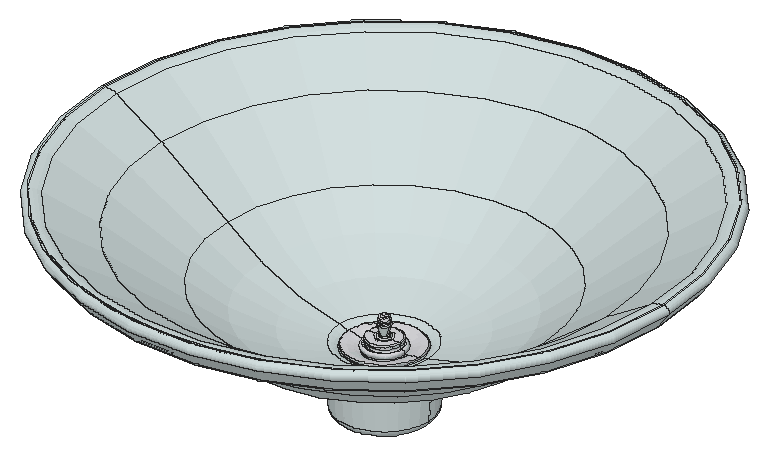
Revit family "Sink-Vessel-Lavatory-KOHLER-DERRING_CARILLON-K-17890BR_1", category Plumbing Fixtures, host Face, Revit 2017 (continued)
Definition of nested family "K-17890BR"
  Lines and regions (in)
    symbolic lines, detail levels medium+fine
      curve 494: line (3.84821, 4.56814, 0) -> (3.41866, 3.99811, 0)
      curve 495: line (4.17215, 4.31297, 0) -> (3.60744, 3.82207, 0)
      curve 496: line (4.17215, 4.31297, 0) -> (3.69161, 3.74029, 0)
      curve 497: line (4.45363, 4.01023, 0) -> (3.85998, 3.56287, 0)
      curve 498: line (4.45363, 4.01023, 0) -> (3.9187, 3.47529, 0)
      curve 499: line (4.7129, 3.68647, 0) -> (4.08034, 3.27568, 0)
      curve 500: line (4.7129, 3.68647, 0) -> (4.15236, 3.18175, 0)
      curve 501: line (4.9525, 3.34924, 0) -> (4.30308, 2.9743, 0)
      curve 502: line (4.9525, 3.34924, 0) -> (4.36463, 2.8732, 0)
      curve 503: line (5.19462, 3.00368, 0) -> (4.49797, 2.6639, 0)
      curve 504: line (5.19462, 3.00368, 0) -> (4.56426, 2.56229, 0)
      curve 505: line (5.40552, 2.63358, 0) -> (4.67538, 2.35331, 0)
      curve 506: line (5.40552, 2.63358, 0) -> (4.75789, 2.25967, 0)
      curve 507: line (5.56458, 2.25272, 0) -> (4.86254, 2.02462, 0)
      curve 508: line (5.56458, 2.25272, 0) -> (4.88814, 1.90805, 0)
      curve 509: line (5.69608, 1.84859, 0) -> (4.98418, 1.65784, 0)
      curve 510: line (5.69608, 1.84859, 0) -> (4.99936, 1.5671, 0)
      curve 511: line (5.80103, 1.44546, 0) -> (5.07115, 1.31676, 0)
      curve 512: line (5.80103, 1.44546, 0) -> (5.08184, 1.21178, 0)
      curve 513: line (5.91516, 1.04438, 0) -> (5.12987, 0.97567, 0)
      curve 514: line (5.91516, 1.04438, 0) -> (5.17629, 0.86016, 0)
      curve 515: line (5.99196, 0.62972, 0) -> (5.2125, 0.6025, 0)
      curve 516: line (5.99196, 0.62972, 0) -> (5.22663, 0.49477, 0)
      curve 517: arc (5.2125, 0.6025, 0) -> (5.0784, 0.71503, 0) -> (5.17629, 0.86016, 0) r 0.13081
      curve 518: arc (5.12987, 0.97567, 0) -> (5.00049, 1.07229, 0) -> (5.08184, 1.21178, 0) r 0.12125
      curve 519: arc (4.99936, 1.5671, 0) -> (4.92255, 1.40961, 0) -> (5.07115, 1.31676, 0) r 0.13093
      curve 520: arc (4.98418, 1.65784, 0) -> (4.82351, 1.73971, 0) -> (4.88814, 1.90805, 0) r 0.13475
      curve 521: arc (4.86254, 2.02462, 0) -> (4.70439, 2.09503, 0) -> (4.75789, 2.25967, 0) r 0.12936
      curve 522: arc (4.67538, 2.35331, 0) -> (4.52737, 2.40865, 0) -> (4.56426, 2.56229, 0) r 0.11923
      curve 523: arc (4.36463, 2.8732, 0) -> (4.3379, 2.70904, 0) -> (4.49797, 2.6639, 0) r 0.12488
      curve 524: arc (4.15236, 3.18175, 0) -> (4.13432, 3.01017, 0) -> (4.30308, 2.9743, 0) r 0.12892
      curve 525: arc (4.08034, 3.27568, 0) -> (3.90966, 3.30272, 0) -> (3.9187, 3.47529, 0) r 0.12913
      curve 526: arc (3.85998, 3.56287, 0) -> (3.69662, 3.57645, 0) -> (3.69161, 3.74029, 0) r 0.12308
      curve 527: arc (3.60744, 3.82207, 0) -> (3.43379, 3.8251, 0) -> (3.41866, 3.99811, 0) r 0.12977
      curve 528: arc (3.32725, 4.04719, 0) -> (3.15452, 4.03738, 0) -> (3.12522, 4.2079, 0) r 0.12991
      curve 529: arc (3.01858, 4.26815, 0) -> (2.85515, 4.24736, 0) -> (2.81599, 4.40739, 0) r 0.12371
      curve 530: arc (2.74885, 4.47421, 0) -> (2.56988, 4.43371, 0) -> (2.51242, 4.60797, 0) r 0.13645
      curve 531: arc (2.38742, 4.64043, 0) -> (2.24249, 4.60024, 0) -> (2.18493, 4.73919, 0) r 0.11349
      curve 532: arc (2.05019, 4.78312, 0) -> (1.9063, 4.73216, 0) -> (1.83819, 4.86878, 0) r 0.11519
      curve 533: arc (1.7984, 4.97539, 0) -> (1.61593, 4.88291, 0) -> (1.50866, 5.0571, 0) r 0.15104
      curve 534: arc (1.40423, 5.08744, 0) -> (1.24157, 5.00186, 0) -> (1.14079, 5.15557, 0) r 0.13668
      curve 535: arc (1.03321, 5.13417, 0) -> (0.88984, 5.04717, 0) -> (0.78717, 5.17977, 0) r 0.12592
      curve 536: arc (0.66643, 5.21065, 0) -> (0.53214, 5.11574, 0) -> (0.42264, 5.23842, 0) r 0.12348
      curve 537: line (0.42264, 5.97426, 0) -> (0.29018, 5.22308, 0)
      curve 538: line (0.53214, 5.11574, 0) -> (0.42718, 4.5758, 0)
      curve 539: line (0.53214, 5.11574, 0) -> (0.53214, 4.52057, 0)
      curve 540: line (0.88984, 5.04717, 0) -> (0.75182, 4.49359, 0)
      curve 541: line (0.88984, 5.04717, 0) -> (0.84027, 4.48064, 0)
      curve 542: line (1.24157, 5.00186, 0) -> (1.04697, 4.43671, 0)
      curve 543: line (1.24157, 5.00186, 0) -> (1.14074, 4.43005, 0)
      curve 544: line (1.61593, 4.88291, 0) -> (1.36026, 4.35872, 0)
      curve 545: line (1.61593, 4.88291, 0) -> (1.46375, 4.35221, 0)
      curve 546: line (1.9063, 4.73216, 0) -> (1.68972, 4.26772, 0)
      curve 547: line (1.9063, 4.73216, 0) -> (1.76, 4.22195, 0)
      curve 548: line (2.24249, 4.60024, 0) -> (1.9721, 4.13191, 0)
      curve 549: line (2.24249, 4.60024, 0) -> (2.03439, 4.05811, 0)
      curve 550: line (2.56988, 4.43371, 0) -> (2.23296, 3.95253, 0)
      curve 551: line (2.56988, 4.43371, 0) -> (2.31958, 3.9205, 0)
      curve 552: line (2.85515, 4.24736, 0) -> (2.50786, 3.80285, 0)
      curve 553: line (2.85515, 4.24736, 0) -> (2.5866, 3.7423, 0)
      curve 554: line (3.15452, 4.03738, 0) -> (2.77196, 3.61251, 0)
      curve 555: line (3.15452, 4.03738, 0) -> (2.84326, 3.59285, 0)
      curve 556: line (3.43379, 3.8251, 0) -> (3.03807, 3.42938, 0)
      curve 557: line (3.43379, 3.8251, 0) -> (3.08641, 3.36411, 0)
      curve 558: line (3.69662, 3.57645, 0) -> (3.25402, 3.20506, 0)
      curve 559: line (3.69662, 3.57645, 0) -> (3.31537, 3.13786, 0)
      curve 560: line (3.90966, 3.30272, 0) -> (3.48683, 2.96031, 0)
      curve 561: line (3.90966, 3.30272, 0) -> (3.52826, 2.92132, 0)
      curve 562: line (4.13432, 3.01017, 0) -> (3.68228, 2.7277, 0)
      curve 563: line (4.13432, 3.01017, 0) -> (3.72259, 2.65226, 0)
      curve 564: line (4.52737, 2.40865, 0) -> (4.02263, 2.18392, 0)
      curve 565: line (4.3379, 2.70904, 0) -> (3.85146, 2.46119, 0)
      curve 566: line (4.3379, 2.70904, 0) -> (3.90221, 2.3925, 0)
      curve 567: line (4.52737, 2.40865, 0) -> (4.07289, 2.12465, 0)
      curve 568: line (4.70439, 2.09503, 0) -> (4.17411, 1.91244, 0)
      curve 569: line (4.70439, 2.09503, 0) -> (4.20706, 1.83059, 0)
      curve 570: line (4.82351, 1.73971, 0) -> (4.29274, 1.60737, 0)
      curve 571: line (4.82351, 1.73971, 0) -> (4.31493, 1.52383, 0)
      curve 572: line (4.92255, 1.40961, 0) -> (4.38685, 1.29574, 0)
      curve 573: line (4.92255, 1.40961, 0) -> (4.42703, 1.22926, 0)
      curve 574: line (5.00049, 1.07229, 0) -> (4.48426, 0.99974, 0)
      curve 575: line (5.00049, 1.07229, 0) -> (4.49862, 0.91885, 0)
      curve 576: line (5.0784, 0.71503, 0) -> (4.54334, 0.67761, 0)
      curve 577: line (5.0784, 0.71503, 0) -> (4.54249, 0.5913, 0)
      curve 578: arc (4.49862, 0.91885, 0) -> (4.41332, 0.77828, 0) -> (4.54334, 0.67761, 0) r 0.12347
      curve 579: arc (4.48426, 0.99974, 0) -> (4.35232, 1.08873, 0) -> (4.42703, 1.22926, 0) r 0.11893
      curve 580: arc (4.38685, 1.29574, 0) -> (4.2473, 1.37712, 0) -> (4.31493, 1.52383, 0) r 0.12013
      curve 581: arc (4.29274, 1.60737, 0) -> (4.15115, 1.68108, 0) -> (4.20706, 1.83059, 0) r 0.12045
      curve 582: arc (4.17411, 1.91244, 0) -> (4.02879, 1.97337, 0) -> (4.07289, 2.12465, 0) r 0.11832
      curve 583: arc (4.02263, 2.18392, 0) -> (3.86852, 2.234, 0) -> (3.90221, 2.3925, 0) r 0.12108
      curve 584: arc (3.85146, 2.46119, 0) -> (3.70251, 2.49972, 0) -> (3.72259, 2.65226, 0) r 0.1161
      curve 585: arc (3.68228, 2.7277, 0) -> (3.51886, 2.75578, 0) -> (3.52826, 2.92132, 0) r 0.1245
      curve 586: arc (3.48683, 2.96031, 0) -> (3.31975, 2.97053, 0) -> (3.31537, 3.13786, 0) r 0.12388
      curve 587: arc (3.25402, 3.20506, 0) -> (3.09923, 3.20979, 0) -> (3.08641, 3.36411, 0) r 0.11628
      curve 588: arc (3.03807, 3.42938, 0) -> (2.86577, 3.42186, 0) -> (2.84326, 3.59285, 0) r 0.12764
      curve 589: arc (2.77196, 3.61251, 0) -> (2.62187, 3.59541, 0) -> (2.5866, 3.7423, 0) r 0.11399
      curve 590: arc (2.50786, 3.80285, 0) -> (2.36075, 3.77691, 0) -> (2.31958, 3.9205, 0) r 0.11162
      curve 591: arc (2.23296, 3.95253, 0) -> (2.08697, 3.91748, 0) -> (2.03439, 4.05811, 0) r 0.11329
      curve 592: arc (1.9721, 4.13191, 0) -> (1.82622, 4.0831, 0) -> (1.76, 4.22195, 0) r 0.11608
      curve 593: arc (1.68972, 4.26772, 0) -> (1.53769, 4.20552, 0) -> (1.46375, 4.35221, 0) r 0.121
      curve 594: arc (1.36026, 4.35872, 0) -> (1.2195, 4.29897, 0) -> (1.14074, 4.43005, 0) r 0.11654
      curve 595: arc (1.04697, 4.43671, 0) -> (0.92419, 4.36724, 0) -> (0.84027, 4.48064, 0) r 0.10645
      curve 596: arc (0.75182, 4.49359, 0) -> (0.63004, 4.4099, 0) -> (0.53214, 4.52057, 0) r 0.1115
      curve 597: line (0.63004, 4.4099, 0) -> (0.63004, 3.57627, 0)
      curve 598: line (0.63004, 3.57627, 0) -> (0.91086, 4.371, 0)
      curve 599: line (0.91086, 4.371, 0) -> (0.86553, 3.50614, 0)
      curve 600: line (0.86553, 3.50614, 0) -> (1.20934, 4.30281, 0)
      curve 601: line (1.20934, 4.30281, 0) -> (1.11873, 3.44075, 0)
      curve 602: line (1.11873, 3.44075, 0) -> (1.52379, 4.21174, 0)
      curve 603: line (1.52379, 4.21174, 0) -> (1.35705, 3.35396, 0)
      curve 604: line (1.35705, 3.35396, 0) -> (1.81073, 4.0911, 0)
      curve 605: line (1.81073, 4.0911, 0) -> (1.58576, 3.2515, 0)
      curve 606: line (1.58576, 3.2515, 0) -> (2.07373, 3.92574, 0)
      curve 607: line (2.07373, 3.92574, 0) -> (1.81714, 3.13602, 0)
      curve 608: line (1.81714, 3.13602, 0) -> (2.34915, 3.78524, 0)
      curve 609: line (2.34915, 3.78524, 0) -> (2.01429, 2.99636, 0)
      curve 610: line (2.01429, 2.99636, 0) -> (2.61697, 3.59904, 0)
      curve 611: line (2.61697, 3.59904, 0) -> (2.23563, 2.85062, 0)
      curve 612: line (2.23563, 2.85062, 0) -> (2.85478, 3.43225, 0)
      curve 613: line (2.85478, 3.43225, 0) -> (2.42438, 2.68677, 0)
      curve 614: line (2.42438, 2.68677, 0) -> (3.08868, 3.22124, 0)
      curve 615: line (3.08868, 3.22124, 0) -> (2.59826, 2.52085, 0)
      curve 616: line (2.59826, 2.52085, 0) -> (3.30551, 2.98828, 0)
      curve 617: line (3.30551, 2.98828, 0) -> (2.76496, 2.32076, 0)
      curve 618: line (2.76496, 2.32076, 0) -> (3.50963, 2.76907, 0)
      curve 619: line (3.50963, 2.76907, 0) -> (2.92293, 2.11747, 0)
      curve 620: line (2.92293, 2.11747, 0) -> (3.69536, 2.51184, 0)
      curve 621: line (3.69536, 2.51184, 0) -> (3.06829, 1.88478, 0)
      curve 622: line (3.06829, 1.88478, 0) -> (3.86308, 2.2446, 0)
      curve 623: line (3.86308, 2.2446, 0) -> (3.19474, 1.70339, 0)
      curve 624: line (3.19474, 1.70339, 0) -> (4.0236, 1.98611, 0)
      curve 625: line (4.0236, 1.98611, 0) -> (3.29285, 1.47443, 0)
      curve 626: line (3.29285, 1.47443, 0) -> (4.14695, 1.69422, 0)
      curve 627: line (4.14695, 1.69422, 0) -> (3.39829, 1.2264, 0)
      curve 628: line (3.39829, 1.2264, 0) -> (4.24394, 1.39038, 0)
      curve 629: line (4.24394, 1.39038, 0) -> (3.46878, 0.99542, 0)
      curve 630: line (3.46878, 0.99542, 0) -> (4.34966, 1.10308, 0)
      curve 631: line (4.34966, 1.10308, 0) -> (3.54258, 0.74374, 0)
      curve 632: line (3.54258, 0.74374, 0) -> (4.41146, 0.79369, 0)
      curve 633: line (4.41146, 0.79369, 0) -> (3.55922, 0.50024, 0)
      curve 634: line (3.55922, 0.50024, 0) -> (4.46684, 0.50024, 0)
      curve 635: line (3.55922, 0.50024, 0) -> (1.76826, 0.24854, 0)
      curve 636: line (1.76826, 0.24854, 0) -> (3.54258, 0.74374, 0)
      curve 637: line (3.54258, 0.74374, 0) -> (1.70271, 0.48517, 0)
      curve 638: line (1.70271, 0.48517, 0) -> (3.46878, 0.99542, 0)
      curve 639: line (3.46878, 0.99542, 0) -> (1.65513, 0.60991, 0)
      curve 640: line (1.65513, 0.60991, 0) -> (3.39829, 1.2264, 0)
      curve 641: line (3.39829, 1.2264, 0) -> (1.6151, 0.71508, 0)
      curve 642: line (1.6151, 0.71508, 0) -> (3.29285, 1.47443, 0)
      curve 643: line (3.29285, 1.47443, 0) -> (1.6285, 0.93365, 0)
      curve 644: line (1.6285, 0.93365, 0) -> (3.19474, 1.70339, 0)
      curve 645: line (3.19474, 1.70339, 0) -> (1.50054, 1.01889, 0)
      curve 646: line (1.50054, 1.01889, 0) -> (3.06829, 1.88478, 0)
      curve 647: line (3.06829, 1.88478, 0) -> (1.48225, 1.1452, 0)
      curve 648: line (1.48225, 1.1452, 0) -> (2.92293, 2.11747, 0)
      curve 649: line (2.92293, 2.11747, 0) -> (1.39234, 1.26905, 0)
      curve 650: line (1.39234, 1.26905, 0) -> (2.76496, 2.32076, 0)
      curve 651: line (2.76496, 2.32076, 0) -> (1.38121, 1.42214, 0)
      curve 652: line (1.38121, 1.42214, 0) -> (2.59826, 2.52085, 0)
      curve 653: line (2.59826, 2.52085, 0) -> (1.21924, 1.44344, 0)
      curve 654: line (1.21924, 1.44344, 0) -> (2.45667, 2.68088, 0)
      curve 655: line (2.42438, 2.68677, 0) -> (1.15107, 1.5799, 0)
      curve 656: line (1.15107, 1.5799, 0) -> (2.23563, 2.85062, 0)
      curve 657: line (2.23563, 2.85062, 0) -> (1.04984, 1.66483, 0)
      curve 658: line (1.04984, 1.66483, 0) -> (2.01429, 2.99636, 0)
      curve 659: line (2.01429, 2.99636, 0) -> (0.97468, 1.7574, 0)
      curve 660: line (0.97468, 1.7574, 0) -> (1.81714, 3.13602, 0)
      curve 661: line (1.81714, 3.13602, 0) -> (0.86244, 1.77257, 0)
      curve 662: line (0.86244, 1.77257, 0) -> (1.58576, 3.2515, 0)
      curve 663: line (1.58576, 3.2515, 0) -> (0.73843, 1.84129, 0)
      curve 664: line (0.73843, 1.84129, 0) -> (1.35705, 3.35396, 0)
      curve 665: line (1.35705, 3.35396, 0) -> (0.56257, 1.79469, 0)
      curve 666: line (0.56257, 1.79469, 0) -> (1.11873, 3.44075, 0)
      curve 667: line (1.11873, 3.44075, 0) -> (0.48444, 1.94646, 0)
      curve 668: line (0.48444, 1.94646, 0) -> (0.86553, 3.50614, 0)
      curve 669: line (0.86553, 3.50614, 0) -> (0.34636, 1.99836, 0)
      curve 670: line (0.34636, 1.99836, 0) -> (0.63004, 3.57627, 0)
      curve 671: line (-0.60002, -8.58037, 0) -> (-0.41313, -7.25055, 0)
      curve 672: line (0, -8.60132, 0) -> (-0.07001, -7.26553, 0)
      curve 673: line (-0.60002, -8.58037, 0) -> (-0.60002, -7.26076, 0)
      curve 674: line (-1.20687, -8.51623, 0) -> (-0.93259, -7.22581, 0)
      curve 675: line (-1.20687, -8.51623, 0) -> (-1.11353, -7.18141, 0)
      curve 676: line (-1.78035, -8.41505, 0) -> (-1.41154, -7.12886, 0)
      curve 677: line (-1.78035, -8.41505, 0) -> (-1.59362, -7.08643, 0)
      curve 678: line (-2.36559, -8.26963, 0) -> (-1.90655, -7.00841, 0)
      curve 679: line (-2.36559, -8.26963, 0) -> (-2.08457, -6.94752, 0)
      curve 680: line (-2.94282, -8.08224, 0) -> (-2.393, -6.84731, 0)
      curve 681: line (-2.94282, -8.08224, 0) -> (-2.57328, -6.7935, 0)
      curve 682: line (-3.49395, -7.85971, 0) -> (-2.8876, -6.66969, 0)
      curve 683: line (-3.49395, -7.85971, 0) -> (-3.04812, -6.56493, 0)
      curve 684: line (-4.02848, -7.59961, 0) -> (-3.30529, -6.44227, 0)
      curve 685: line (-4.02848, -7.59961, 0) -> (-3.49129, -6.39308, 0)
      curve 686: line (-4.56175, -7.292, 0) -> (-3.78531, -6.22333, 0)
      curve 687: line (-4.56175, -7.292, 0) -> (-3.92446, -6.09343, 0)
      curve 688: line (-5.0521, -6.96125, 0) -> (-4.17954, -5.92137, 0)
      curve 689: line (-5.0521, -6.96125, 0) -> (-4.34006, -5.82175, 0)
      curve 690: line (-5.52853, -6.58924, 0) -> (-4.57453, -5.63524, 0)
      curve 691: line (-5.52853, -6.58924, 0) -> (-4.73331, -5.49471, 0)
      curve 692: line (-5.97094, -6.19117, 0) -> (-4.96538, -5.28576, 0)
      curve 693: line (-5.97094, -6.19117, 0) -> (-5.10092, -5.15431, 0)
      curve 694: line (-6.38713, -5.76084, 0) -> (-5.32019, -4.92726, 0)
      curve 695: line (-6.38713, -5.76084, 0) -> (-5.45779, -4.83151, 0)
      curve 696: line (-6.78298, -5.28903, 0) -> (-5.68895, -4.5511, 0)
      curve 697: line (-6.78298, -5.28903, 0) -> (-5.74977, -4.35872, 0)
      curve 698: line (-7.12883, -4.81275, 0) -> (-5.9249, -4.11766, 0)
      curve 699: line (-7.12883, -4.81275, 0) -> (-6.05341, -4.00236, 0)
      curve 700: line (-7.44851, -4.30145, 0) -> (-6.23332, -3.70876, 0)
      curve 701: line (-7.44851, -4.30145, 0) -> (-6.31207, -3.56343, 0)
      curve 702: line (-7.73214, -3.76786, 0) -> (-6.47092, -3.25829, 0)
      curve 703: line (-7.73214, -3.76786, 0) -> (-6.52784, -3.07256, 0)
      curve 704: line (-7.97213, -3.22922, 0) -> (-6.64944, -2.79945, 0)
      curve 705: line (-7.97213, -3.22922, 0) -> (-6.75956, -2.63781, 0)
      curve 706: line (-8.18058, -2.65724, 0) -> (-6.8713, -2.3308, 0)
      curve 707: line (-8.18058, -2.65724, 0) -> (-6.90785, -2.14302, 0)
      curve 708: line (-8.34839, -2.07055, 0) -> (-6.99696, -1.83225, 0)
      curve 709: line (-8.34839, -2.07055, 0) -> (-7.06439, -1.67799, 0)
      curve 710: line (-8.46785, -1.50938, 0) -> (-7.13501, -1.34572, 0)
      curve 711: line (-8.46785, -1.50938, 0) -> (-7.15483, -1.15755, 0)
      curve 712: line (-8.5543, -0.89816, 0) -> (-7.2071, -0.82756, 0)
      curve 713: line (-8.5543, -0.89816, 0) -> (-7.2233, -0.63944, 0)
      curve 714: line (-8.5962, -0.29677, 0) -> (-7.2423, -0.36772, 0)
      curve 715: line (-8.5962, -0.29677, 0) -> (-7.2489, -0.15516, 0)
      curve 716: arc (-0.41313, -7.25055, 0) -> (-0.23476, -7.10221, 0) -> (-0.07001, -7.26553, 0) r 0.17252
      curve 717: arc (-0.93259, -7.22581, 0) -> (-0.75057, -7.09356, 0) -> (-0.60002, -7.26076, 0) r 0.16812
      curve 718: arc (-1.41154, -7.12886, 0) -> (-1.23888, -7.02098, 0) -> (-1.11353, -7.18141, 0) r 0.15213
      curve 719: arc (-1.90655, -7.00841, 0) -> (-1.71496, -6.90654, 0) -> (-1.59362, -7.08643, 0) r 0.16214
      curve 720: arc (-2.393, -6.84731, 0) -> (-2.19367, -6.75856, 0) -> (-2.08457, -6.94752, 0) r 0.16304
      curve 721: arc (-2.8876, -6.66969, 0) -> (-2.67421, -6.58884, 0) -> (-2.57328, -6.7935, 0) r 0.16969
      curve 722: arc (-3.30529, -6.44227, 0) -> (-3.12196, -6.38883, 0) -> (-3.04812, -6.56493, 0) r 0.14338
      curve 723: arc (-3.78531, -6.22333, 0) -> (-3.56188, -6.17584, 0) -> (-3.49129, -6.39308, 0) r 0.17069
      curve 724: arc (-4.17954, -5.92137, 0) -> (-3.97454, -5.89256, 0) -> (-3.92446, -6.09343, 0) r 0.15469
      curve 725: arc (-4.57453, -5.63524, 0) -> (-4.37407, -5.62386, 0) -> (-4.34006, -5.82175, 0) r 0.15077
      curve 726: arc (-4.96538, -5.28576, 0) -> (-4.75527, -5.28576, 0) -> (-4.73331, -5.49471, 0) r 0.157
      curve 727: arc (-5.32019, -4.92726, 0) -> (-5.10833, -4.94207, 0) -> (-5.10092, -5.15431, 0) r 0.15869
      curve 728: arc (-5.45779, -4.83151, 0) -> (-5.44602, -4.58632, 0) -> (-5.68895, -4.5511, 0) r 0.18254
      curve 729: arc (-5.74977, -4.35872, 0) -> (-5.72881, -4.15934, 0) -> (-5.9249, -4.11766, 0) r 0.1498
      curve 730: arc (-6.05341, -4.00236, 0) -> (-6.01002, -3.77385, 0) -> (-6.23332, -3.70876, 0) r 0.17297
      curve 731: arc (-6.31207, -3.56343, 0) -> (-6.25291, -3.33872, 0) -> (-6.47092, -3.25829, 0) r 0.1728
      curve 732: arc (-6.52784, -3.07256, 0) -> (-6.46569, -2.88126, 0) -> (-6.64944, -2.79945, 0) r 0.1503
      curve 733: arc (-6.75956, -2.63781, 0) -> (-6.67721, -2.434, 0) -> (-6.8713, -2.3308, 0) r 0.16426
      curve 734: arc (-6.90785, -2.14302, 0) -> (-6.81249, -1.94752, 0) -> (-6.99696, -1.83225, 0) r 0.16254
      curve 735: arc (-7.06439, -1.67799, 0) -> (-6.94747, -1.4795, 0) -> (-7.13501, -1.34572, 0) r 0.17049
      curve 736: arc (-7.15483, -1.15755, 0) -> (-7.0324, -0.96902, 0) -> (-7.2071, -0.82756, 0) r 0.16798
      curve 737: arc (-7.2233, -0.63944, 0) -> (-7.1126, -0.49518, 0) -> (-7.2423, -0.36772, 0) r 0.13721
      curve 738: line (-0.23476, -7.10221, 0) -> (-0.28669, -6.1114, 0)
      curve 739: line (-0.75057, -7.09356, 0) -> (-0.57428, -6.09381, 0)
      curve 740: line (-1.23888, -7.02098, 0) -> (-1.00525, -6.08393, 0)
      curve 741: line (-0.75057, -7.09356, 0) -> (-0.71673, -6.12448, 0)
      curve 742: line (-1.23888, -7.02098, 0) -> (-1.13176, -6.00175, 0)
      curve 743: line (-1.71496, -6.90654, 0) -> (-1.42038, -5.94303, 0)
      curve 744: line (-1.71496, -6.90654, 0) -> (-1.53799, -5.90288, 0)
      curve 745: line (-2.19367, -6.75856, 0) -> (-1.81577, -5.82323, 0)
      curve 746: line (-2.19367, -6.75856, 0) -> (-1.95165, -5.78789, 0)
      curve 747: line (-2.67421, -6.58884, 0) -> (-2.21579, -5.68913, 0)
      curve 748: line (-2.67421, -6.58884, 0) -> (-2.36387, -5.68753, 0)
      curve 749: line (-3.12196, -6.38883, 0) -> (-2.64349, -5.5601, 0)
      curve 750: line (-3.12196, -6.38883, 0) -> (-2.76486, -5.50496, 0)
      curve 751: line (-3.56188, -6.17584, 0) -> (-3.01843, -5.37014, 0)
      curve 752: line (-3.56188, -6.17584, 0) -> (-3.12128, -5.27247, 0)
      curve 753: line (-3.97454, -5.89256, 0) -> (-3.36909, -5.11762, 0)
      curve 754: line (-3.97454, -5.89256, 0) -> (-3.4896, -5.05262, 0)
      curve 755: line (-4.37407, -5.62386, 0) -> (-3.72903, -4.88183, 0)
      curve 756: line (-4.37407, -5.62386, 0) -> (-3.81689, -4.76588, 0)
      curve 757: line (-4.75527, -5.28576, 0) -> (-4.04814, -4.57862, 0)
      curve 758: line (-4.75527, -5.28576, 0) -> (-4.15679, -4.51973, 0)
      curve 759: line (-5.10833, -4.94207, 0) -> (-4.37943, -4.30845, 0)
      curve 760: line (-5.10833, -4.94207, 0) -> (-4.45133, -4.18628, 0)
      curve 761: line (-5.44602, -4.58632, 0) -> (-4.62881, -3.99259, 0)
      curve 762: line (-5.44602, -4.58632, 0) -> (-4.72376, -3.86406, 0)
      curve 763: line (-5.72881, -4.15934, 0) -> (-4.88785, -3.65404, 0)
      curve 764: line (-5.72881, -4.15934, 0) -> (-4.97778, -3.52916, 0)
      curve 765: line (-6.01002, -3.77385, 0) -> (-5.12878, -3.30529, 0)
      curve 766: line (-6.01002, -3.77385, 0) -> (-5.23106, -3.18686, 0)
      curve 767: line (-6.25291, -3.33872, 0) -> (-5.3725, -2.94674, 0)
      curve 768: line (-6.25291, -3.33872, 0) -> (-5.45681, -2.82173, 0)
      curve 769: line (-6.46569, -2.88126, 0) -> (-5.58665, -2.56132, 0)
      curve 770: line (-6.46569, -2.88126, 0) -> (-5.62144, -2.41329, 0)
      curve 771: line (-6.67721, -2.434, 0) -> (-5.71703, -2.17672, 0)
      curve 772: line (-6.67721, -2.434, 0) -> (-5.76583, -2.00901, 0)
      curve 773: line (-6.81249, -1.94752, 0) -> (-5.8468, -1.75981, 0)
      curve 774: line (-6.81249, -1.94752, 0) -> (-5.88933, -1.61151, 0)
      curve 775: line (-6.94747, -1.4795, 0) -> (-5.95695, -1.34029, 0)
      curve 776: line (-6.94747, -1.4795, 0) -> (-6.02232, -1.21422, 0)
      curve 777: line (-7.0324, -0.96902, 0) -> (-6.07177, -0.91868, 0)
      curve 778: line (-7.0324, -0.96902, 0) -> (-6.11169, -0.79006, 0)
      curve 779: line (-7.1126, -0.49518, 0) -> (-6.12971, -0.35704, 0)
      curve 780: line (-7.1126, -0.49518, 0) -> (-6.14009, -0.49518, 0)
      curve 781: arc (-6.11169, -0.79006, 0) -> (-5.99196, -0.62972, 0) -> (-6.14009, -0.49518, 0) r 0.14881
      curve 782: arc (-6.07177, -0.91868, 0) -> (-5.91516, -1.04438, 0) -> (-6.02232, -1.21422, 0) r 0.15079
      curve 783: arc (-5.95695, -1.34029, 0) -> (-5.80103, -1.44546, 0) -> (-5.88933, -1.61151, 0) r 0.14053
      curve 784: arc (-5.76583, -2.00901, 0) -> (-5.69608, -1.84859, 0) -> (-5.8468, -1.75981, 0) r 0.132
      curve 785: arc (-5.71703, -2.17672, 0) -> (-5.56458, -2.25272, 0) -> (-5.62144, -2.41329, 0) r 0.12854
      curve 786: arc (-5.58665, -2.56132, 0) -> (-5.40552, -2.63358, 0) -> (-5.45681, -2.82173, 0) r 0.14643
      curve 787: arc (-5.3725, -2.94674, 0) -> (-5.19462, -3.00368, 0) -> (-5.23106, -3.18686, 0) r 0.14024
      curve 788: arc (-5.12878, -3.30529, 0) -> (-4.9525, -3.34924, 0) -> (-4.97778, -3.52916, 0) r 0.13576
      curve 789: arc (-4.88785, -3.65404, 0) -> (-4.7129, -3.68647, 0) -> (-4.72376, -3.86406, 0) r 0.13426
      curve 790: arc (-4.62881, -3.99259, 0) -> (-4.45363, -4.01023, 0) -> (-4.45133, -4.18628, 0) r 0.13221
      curve 791: arc (-4.37943, -4.30845, 0) -> (-4.17215, -4.31297, 0) -> (-4.15679, -4.51973, 0) r 0.15418
      curve 792: arc (-3.72903, -4.88183, 0) -> (-3.53175, -4.85848, 0) -> (-3.4896, -5.05262, 0) r 0.14773
      curve 793: arc (-4.04814, -4.57862, 0) -> (-3.84821, -4.56814, 0) -> (-3.81689, -4.76588, 0) r 0.1496
      curve 794: arc (-3.36909, -5.11762, 0) -> (-3.17547, -5.08348, 0) -> (-3.12128, -5.27247, 0) r 0.14691
      curve 795: arc (-3.01843, -5.37014, 0) -> (-2.83094, -5.32339, 0) -> (-2.76486, -5.50496, 0) r 0.14439
      curve 796: arc (-2.64349, -5.5601, 0) -> (-2.4458, -5.49682, 0) -> (-2.36387, -5.68753, 0) r 0.15436
      curve 797: arc (-2.21579, -5.68913, 0) -> (-2.03965, -5.62064, 0) -> (-1.95165, -5.78789, 0) r 0.14191
      curve 798: arc (-1.81577, -5.82323, 0) -> (-1.64102, -5.738, 0) -> (-1.53799, -5.90288, 0) r 0.14528
      curve 799: arc (-1.42038, -5.94303, 0) -> (-1.2494, -5.84131, 0) -> (-1.13176, -6.00175, 0) r 0.14795
      curve 800: arc (-1.00525, -6.08393, 0) -> (-0.84273, -5.97431, 0) -> (-0.71673, -6.12448, 0) r 0.14648
      curve 801: arc (-0.57428, -6.09381, 0) -> (-0.42264, -5.97426, 0) -> (-0.28669, -6.1114, 0) r 0.145
      curve 802: line (-0.42264, -5.97426, 0) -> (-0.42264, -5.23842, 0)
      curve 803: line (-0.84273, -5.97431, 0) -> (-0.66643, -5.21065, 0)
      curve 804: line (-0.84273, -5.97431, 0) -> (-0.78717, -5.17977, 0)
      curve 805: line (-1.2494, -5.84131, 0) -> (-1.03321, -5.13417, 0)
      curve 806: line (-1.2494, -5.84131, 0) -> (-1.14079, -5.15557, 0)
      curve 807: line (-1.64102, -5.738, 0) -> (-1.40423, -5.08744, 0)
      curve 808: line (-1.64102, -5.738, 0) -> (-1.50866, -5.0571, 0)
      curve 809: line (-2.03965, -5.62064, 0) -> (-1.7984, -4.97539, 0)
      curve 810: line (-2.03965, -5.62064, 0) -> (-1.83819, -4.86878, 0)
      curve 811: line (-2.4458, -5.49682, 0) -> (-2.05019, -4.78312, 0)
      curve 812: line (-2.4458, -5.49682, 0) -> (-2.18493, -4.73919, 0)
      curve 813: line (-2.83094, -5.32339, 0) -> (-2.38742, -4.64043, 0)
      curve 814: line (-2.83094, -5.32339, 0) -> (-2.51242, -4.60797, 0)
      curve 815: line (-3.17547, -5.08348, 0) -> (-2.74885, -4.47421, 0)
      curve 816: line (-3.17547, -5.08348, 0) -> (-2.81599, -4.40739, 0)
      curve 817: line (-3.53175, -4.85848, 0) -> (-3.01858, -4.26815, 0)
      curve 818: line (-3.53175, -4.85848, 0) -> (-3.12522, -4.2079, 0)
      curve 819: line (-3.84821, -4.56814, 0) -> (-3.32725, -4.04719, 0)
      curve 820: line (-3.84821, -4.56814, 0) -> (-3.41866, -3.99811, 0)
      curve 821: line (-4.17215, -4.31297, 0) -> (-3.60744, -3.82207, 0)
      curve 822: line (-4.17215, -4.31297, 0) -> (-3.69161, -3.74029, 0)
      curve 823: line (-4.45363, -4.01023, 0) -> (-3.85998, -3.56287, 0)
      curve 824: line (-4.45363, -4.01023, 0) -> (-3.9187, -3.47529, 0)
      curve 825: line (-4.7129, -3.68647, 0) -> (-4.08034, -3.27568, 0)
      curve 826: line (-4.7129, -3.68647, 0) -> (-4.15236, -3.18175, 0)
      curve 827: line (-4.9525, -3.34924, 0) -> (-4.30308, -2.9743, 0)
      curve 828: line (-4.9525, -3.34924, 0) -> (-4.36463, -2.8732, 0)
      curve 829: line (-5.19462, -3.00368, 0) -> (-4.49797, -2.6639, 0)
      curve 830: line (-5.19462, -3.00368, 0) -> (-4.56426, -2.56229, 0)
      curve 831: line (-5.40552, -2.63358, 0) -> (-4.67538, -2.35331, 0)
      curve 832: line (-5.40552, -2.63358, 0) -> (-4.75789, -2.25967, 0)
      curve 833: line (-5.56458, -2.25272, 0) -> (-4.86254, -2.02462, 0)
      curve 834: line (-5.56458, -2.25272, 0) -> (-4.88814, -1.90805, 0)
      curve 835: line (-5.69608, -1.84859, 0) -> (-4.98418, -1.65784, 0)
      curve 836: line (-5.69608, -1.84859, 0) -> (-4.99936, -1.5671, 0)
      curve 837: line (-5.80103, -1.44546, 0) -> (-5.07115, -1.31676, 0)
      curve 838: line (-5.80103, -1.44546, 0) -> (-5.08184, -1.21178, 0)
      curve 839: line (-5.91516, -1.04438, 0) -> (-5.12987, -0.97567, 0)
      curve 840: line (-5.91516, -1.04438, 0) -> (-5.17629, -0.86016, 0)
      curve 841: line (-5.99196, -0.62972, 0) -> (-5.2125, -0.6025, 0)
      curve 842: line (-5.99196, -0.62972, 0) -> (-5.26523, -0.50158, 0)
      curve 843: arc (-5.2125, -0.6025, 0) -> (-5.0784, -0.71503, 0) -> (-5.17629, -0.86016, 0) r 0.13081
      curve 844: arc (-5.12987, -0.97567, 0) -> (-5.00049, -1.07229, 0) -> (-5.08184, -1.21178, 0) r 0.12125
      curve 845: arc (-4.99936, -1.5671, 0) -> (-4.92255, -1.40961, 0) -> (-5.07115, -1.31676, 0) r 0.13093
      curve 846: arc (-4.98418, -1.65784, 0) -> (-4.82351, -1.73971, 0) -> (-4.88814, -1.90805, 0) r 0.13475
      curve 847: arc (-4.86254, -2.02462, 0) -> (-4.70439, -2.09503, 0) -> (-4.75789, -2.25967, 0) r 0.12936
      curve 848: arc (-4.67538, -2.35331, 0) -> (-4.52737, -2.40865, 0) -> (-4.56426, -2.56229, 0) r 0.11923
      curve 849: arc (-4.36463, -2.8732, 0) -> (-4.3379, -2.70904, 0) -> (-4.49797, -2.6639, 0) r 0.12488
      curve 850: arc (-4.15236, -3.18175, 0) -> (-4.13432, -3.01017, 0) -> (-4.30308, -2.9743, 0) r 0.12892
      curve 851: arc (-4.08034, -3.27568, 0) -> (-3.90966, -3.30272, 0) -> (-3.9187, -3.47529, 0) r 0.12913
      curve 852: arc (-3.85998, -3.56287, 0) -> (-3.69662, -3.57645, 0) -> (-3.69161, -3.74029, 0) r 0.12308
      curve 853: arc (-3.60744, -3.82207, 0) -> (-3.43379, -3.8251, 0) -> (-3.41866, -3.99811, 0) r 0.12977
      curve 854: arc (-3.32725, -4.04719, 0) -> (-3.15452, -4.03738, 0) -> (-3.12522, -4.2079, 0) r 0.12991
      curve 855: arc (-3.01858, -4.26815, 0) -> (-2.85515, -4.24736, 0) -> (-2.81599, -4.40739, 0) r 0.12371
      curve 856: arc (-2.74885, -4.47421, 0) -> (-2.56988, -4.43371, 0) -> (-2.51242, -4.60797, 0) r 0.13645
      curve 857: arc (-2.38742, -4.64043, 0) -> (-2.24249, -4.60024, 0) -> (-2.18493, -4.73919, 0) r 0.11349
      curve 858: arc (-2.05019, -4.78312, 0) -> (-1.9063, -4.73216, 0) -> (-1.83819, -4.86878, 0) r 0.11519
      curve 859: arc (-1.7984, -4.97539, 0) -> (-1.61593, -4.88291, 0) -> (-1.50866, -5.0571, 0) r 0.15104
      curve 860: arc (-1.40423, -5.08744, 0) -> (-1.24157, -5.00186, 0) -> (-1.14079, -5.15557, 0) r 0.13668
      curve 861: arc (-1.03321, -5.13417, 0) -> (-0.88984, -5.04717, 0) -> (-0.78717, -5.17977, 0) r 0.12592
      curve 862: arc (-0.66643, -5.21065, 0) -> (-0.53214, -5.11574, 0) -> (-0.42264, -5.23842, 0) r 0.12348
      curve 863: line (-0.42264, -5.97426, 0) -> (-0.29348, -5.24179, 0)
      curve 864: line (-0.53214, -5.11574, 0) -> (-0.42433, -4.56112, 0)
      curve 865: line (-0.53214, -5.11574, 0) -> (-0.53214, -4.52057, 0)
      curve 866: line (-0.88984, -5.04717, 0) -> (-0.75182, -4.49359, 0)
      curve 867: line (-0.88984, -5.04717, 0) -> (-0.84027, -4.48064, 0)
      curve 868: line (-1.24157, -5.00186, 0) -> (-1.04697, -4.43671, 0)
      curve 869: line (-1.24157, -5.00186, 0) -> (-1.14074, -4.43005, 0)
      curve 870: line (-1.61593, -4.88291, 0) -> (-1.36026, -4.35872, 0)
      curve 871: line (-1.61593, -4.88291, 0) -> (-1.46375, -4.35221, 0)
      curve 872: line (-1.9063, -4.73216, 0) -> (-1.68972, -4.26772, 0)
      curve 873: line (-1.9063, -4.73216, 0) -> (-1.76, -4.22195, 0)
      curve 874: line (-2.24249, -4.60024, 0) -> (-1.9721, -4.13191, 0)
      curve 875: line (-2.24249, -4.60024, 0) -> (-2.03439, -4.05811, 0)
      curve 876: line (-2.56988, -4.43371, 0) -> (-2.23296, -3.95253, 0)
      curve 877: line (-2.56988, -4.43371, 0) -> (-2.31958, -3.9205, 0)
      curve 878: line (-2.85515, -4.24736, 0) -> (-2.50786, -3.80285, 0)
      curve 879: line (-2.85515, -4.24736, 0) -> (-2.5866, -3.7423, 0)
      curve 880: line (-3.15452, -4.03738, 0) -> (-2.77196, -3.61251, 0)
      curve 881: line (-3.15452, -4.03738, 0) -> (-2.84326, -3.59285, 0)
      curve 882: line (-3.43379, -3.8251, 0) -> (-3.03807, -3.42938, 0)
      curve 883: line (-3.43379, -3.8251, 0) -> (-3.08641, -3.36411, 0)
      curve 884: line (-3.69662, -3.57645, 0) -> (-3.25402, -3.20506, 0)
      curve 885: line (-3.69662, -3.57645, 0) -> (-3.31537, -3.13786, 0)
      curve 886: line (-3.90966, -3.30272, 0) -> (-3.48683, -2.96031, 0)
      curve 887: line (-3.90966, -3.30272, 0) -> (-3.52826, -2.92132, 0)
      curve 888: line (-4.13432, -3.01017, 0) -> (-3.68228, -2.7277, 0)
      curve 889: line (-4.13432, -3.01017, 0) -> (-3.72259, -2.65226, 0)
      curve 890: line (-4.52737, -2.40865, 0) -> (-4.02263, -2.18392, 0)
      curve 891: line (-4.3379, -2.70904, 0) -> (-3.85146, -2.46119, 0)
      curve 892: line (-4.3379, -2.70904, 0) -> (-3.90221, -2.3925, 0)
      curve 893: line (-4.52737, -2.40865, 0) -> (-4.07289, -2.12465, 0)
      curve 894: line (-4.70439, -2.09503, 0) -> (-4.17411, -1.91244, 0)
      curve 895: line (-4.70439, -2.09503, 0) -> (-4.20706, -1.83059, 0)
      curve 896: line (-4.82351, -1.73971, 0) -> (-4.29274, -1.60737, 0)
      curve 897: line (-4.82351, -1.73971, 0) -> (-4.31493, -1.52383, 0)
      curve 898: line (-4.92255, -1.40961, 0) -> (-4.38685, -1.29574, 0)
      curve 899: line (-4.92255, -1.40961, 0) -> (-4.42703, -1.22926, 0)
      curve 900: line (-5.00049, -1.07229, 0) -> (-4.48426, -0.99974, 0)
      curve 901: line (-5.00049, -1.07229, 0) -> (-4.49862, -0.91885, 0)
      curve 902: line (-5.0784, -0.71503, 0) -> (-4.54334, -0.67761, 0)
      curve 903: line (-5.0784, -0.71503, 0) -> (-4.57346, -0.59845, 0)
      curve 904: arc (-4.49862, -0.91885, 0) -> (-4.41332, -0.77828, 0) -> (-4.54334, -0.67761, 0) r 0.12347
      curve 905: arc (-4.48426, -0.99974, 0) -> (-4.35232, -1.08873, 0) -> (-4.42703, -1.22926, 0) r 0.11893
      curve 906: arc (-4.38685, -1.29574, 0) -> (-4.2473, -1.37712, 0) -> (-4.31493, -1.52383, 0) r 0.12013
      curve 907: arc (-4.29274, -1.60737, 0) -> (-4.15115, -1.68108, 0) -> (-4.20706, -1.83059, 0) r 0.12045
      curve 908: arc (-4.17411, -1.91244, 0) -> (-4.02879, -1.97337, 0) -> (-4.07289, -2.12465, 0) r 0.11832
      curve 909: arc (-4.02263, -2.18392, 0) -> (-3.86852, -2.234, 0) -> (-3.90221, -2.3925, 0) r 0.12108
      curve 910: arc (-3.85146, -2.46119, 0) -> (-3.70251, -2.49972, 0) -> (-3.72259, -2.65226, 0) r 0.1161
      curve 911: arc (-3.68228, -2.7277, 0) -> (-3.51886, -2.75578, 0) -> (-3.52826, -2.92132, 0) r 0.1245
      curve 912: arc (-3.48683, -2.96031, 0) -> (-3.31975, -2.97053, 0) -> (-3.31537, -3.13786, 0) r 0.12388
      curve 913: arc (-3.25402, -3.20506, 0) -> (-3.09923, -3.20979, 0) -> (-3.08641, -3.36411, 0) r 0.11628
      curve 914: arc (-3.03807, -3.42938, 0) -> (-2.86577, -3.42186, 0) -> (-2.84326, -3.59285, 0) r 0.12764
      curve 915: arc (-2.77196, -3.61251, 0) -> (-2.62187, -3.59541, 0) -> (-2.5866, -3.7423, 0) r 0.11399
      curve 916: arc (-2.50786, -3.80285, 0) -> (-2.36075, -3.77691, 0) -> (-2.31958, -3.9205, 0) r 0.11162
      curve 917: arc (-2.23296, -3.95253, 0) -> (-2.08697, -3.91748, 0) -> (-2.03439, -4.05811, 0) r 0.11329
      curve 918: arc (-1.9721, -4.13191, 0) -> (-1.82622, -4.0831, 0) -> (-1.76, -4.22195, 0) r 0.11608
      curve 919: arc (-1.68972, -4.26772, 0) -> (-1.53769, -4.20552, 0) -> (-1.46375, -4.35221, 0) r 0.121
      curve 920: arc (-1.36026, -4.35872, 0) -> (-1.2195, -4.29897, 0) -> (-1.14074, -4.43005, 0) r 0.11654
      curve 921: arc (-1.04697, -4.43671, 0) -> (-0.92419, -4.36724, 0) -> (-0.84027, -4.48064, 0) r 0.10645
      curve 922: arc (-0.75182, -4.49359, 0) -> (-0.63004, -4.4099, 0) -> (-0.53214, -4.52057, 0) r 0.1115
      curve 923: line (-0.63004, -4.4099, 0) -> (-0.63004, -3.57627, 0)
      curve 924: line (-0.63004, -3.57627, 0) -> (-0.91086, -4.371, 0)
      curve 925: line (-0.91086, -4.371, 0) -> (-0.86553, -3.50614, 0)
      curve 926: line (-0.86553, -3.50614, 0) -> (-1.20934, -4.30281, 0)
      curve 927: line (-1.20934, -4.30281, 0) -> (-1.11873, -3.44075, 0)
      curve 928: line (-1.11873, -3.44075, 0) -> (-1.52379, -4.21174, 0)
      curve 929: line (-1.52379, -4.21174, 0) -> (-1.35705, -3.35396, 0)
      curve 930: line (-1.35705, -3.35396, 0) -> (-1.81073, -4.0911, 0)
      curve 931: line (-1.81073, -4.0911, 0) -> (-1.58576, -3.2515, 0)
      curve 932: line (-1.58576, -3.2515, 0) -> (-2.07373, -3.92574, 0)
      curve 933: line (-2.07373, -3.92574, 0) -> (-1.81714, -3.13602, 0)
      curve 934: line (-1.81714, -3.13602, 0) -> (-2.34915, -3.78524, 0)
      curve 935: line (-2.34915, -3.78524, 0) -> (-2.01429, -2.99636, 0)
      curve 936: line (-2.01429, -2.99636, 0) -> (-2.61697, -3.59904, 0)
      curve 937: line (-2.61697, -3.59904, 0) -> (-2.23563, -2.85062, 0)
      curve 938: line (-2.23563, -2.85062, 0) -> (-2.85478, -3.43225, 0)
      curve 939: line (-2.85478, -3.43225, 0) -> (-2.42438, -2.68677, 0)
      curve 940: line (-2.42438, -2.68677, 0) -> (-3.08868, -3.22124, 0)
      curve 941: line (-3.08868, -3.22124, 0) -> (-2.59826, -2.52085, 0)
      curve 942: line (-2.59826, -2.52085, 0) -> (-3.30551, -2.98828, 0)
      curve 943: line (-3.30551, -2.98828, 0) -> (-2.76496, -2.32076, 0)
      curve 944: line (-2.76496, -2.32076, 0) -> (-3.50963, -2.76907, 0)
      curve 945: line (-3.50963, -2.76907, 0) -> (-2.92293, -2.11747, 0)
      curve 946: line (-2.92293, -2.11747, 0) -> (-3.69536, -2.51184, 0)
      curve 947: line (-3.69536, -2.51184, 0) -> (-3.06829, -1.88478, 0)
      curve 948: line (-3.06829, -1.88478, 0) -> (-3.86308, -2.2446, 0)
      curve 949: line (-3.86308, -2.2446, 0) -> (-3.19474, -1.70339, 0)
      curve 950: line (-3.19474, -1.70339, 0) -> (-4.0236, -1.98611, 0)
      curve 951: line (-4.0236, -1.98611, 0) -> (-3.29285, -1.47443, 0)
      curve 952: line (-3.29285, -1.47443, 0) -> (-4.14695, -1.69422, 0)
      curve 953: line (-4.14695, -1.69422, 0) -> (-3.39829, -1.2264, 0)
      curve 954: line (-3.39829, -1.2264, 0) -> (-4.24394, -1.39038, 0)
      curve 955: line (-4.24394, -1.39038, 0) -> (-3.46878, -0.99542, 0)
      curve 956: line (-3.46878, -0.99542, 0) -> (-4.34966, -1.10308, 0)
      curve 957: line (-4.34966, -1.10308, 0) -> (-3.54258, -0.74374, 0)
      curve 958: line (-3.54258, -0.74374, 0) -> (-4.41146, -0.79369, 0)
      curve 959: line (-4.41146, -0.79369, 0) -> (-3.55922, -0.50024, 0)
      curve 960: line (-3.55922, -0.50024, 0) -> (-4.46684, -0.50024, 0)
      curve 961: line (-3.55922, -0.50024, 0) -> (-1.76826, -0.24854, 0)
      curve 962: line (-1.76826, -0.24854, 0) -> (-3.54258, -0.74374, 0)
      curve 963: line (-3.54258, -0.74374, 0) -> (-1.70271, -0.48517, 0)
      curve 964: line (-1.70271, -0.48517, 0) -> (-3.46878, -0.99542, 0)
      curve 965: line (-3.46878, -0.99542, 0) -> (-1.65513, -0.60991, 0)
      curve 966: line (-1.65513, -0.60991, 0) -> (-3.39829, -1.2264, 0)
      curve 967: line (-3.39829, -1.2264, 0) -> (-1.6151, -0.71508, 0)
      curve 968: line (-1.6151, -0.71508, 0) -> (-3.29285, -1.47443, 0)
      curve 969: line (-3.29285, -1.47443, 0) -> (-1.6285, -0.93365, 0)
      curve 970: line (-1.6285, -0.93365, 0) -> (-3.19474, -1.70339, 0)
      curve 971: line (-3.19474, -1.70339, 0) -> (-1.50054, -1.01889, 0)
      curve 972: line (-1.50054, -1.01889, 0) -> (-3.06829, -1.88478, 0)
      curve 973: line (-3.06829, -1.88478, 0) -> (-1.48225, -1.1452, 0)
      curve 974: line (-1.48225, -1.1452, 0) -> (-2.92293, -2.11747, 0)
      curve 975: line (-2.92293, -2.11747, 0) -> (-1.39234, -1.26905, 0)
      curve 976: line (-1.39234, -1.26905, 0) -> (-2.76496, -2.32076, 0)
      curve 977: line (-2.76496, -2.32076, 0) -> (-1.38121, -1.42214, 0)
      curve 978: line (-1.38121, -1.42214, 0) -> (-2.59826, -2.52085, 0)
      curve 979: line (-2.59826, -2.52085, 0) -> (-1.21924, -1.44344, 0)
      curve 980: line (-1.21924, -1.44344, 0) -> (-2.45667, -2.68088, 0)
      curve 981: line (-2.42438, -2.68677, 0) -> (-1.15107, -1.5799, 0)
      curve 982: line (-1.15107, -1.5799, 0) -> (-2.23563, -2.85062, 0)
      curve 983: line (-2.23563, -2.85062, 0) -> (-1.04984, -1.66483, 0)
      curve 984: line (-1.04984, -1.66483, 0) -> (-2.01429, -2.99636, 0)
      curve 985: line (-2.01429, -2.99636, 0) -> (-0.97468, -1.7574, 0)
      curve 986: line (-0.97468, -1.7574, 0) -> (-1.81714, -3.13602, 0)
      curve 987: line (-1.81714, -3.13602, 0) -> (-0.86244, -1.77257, 0)
      curve 988: line (-0.86244, -1.77257, 0) -> (-1.58576, -3.2515, 0)
      curve 989: line (-1.58576, -3.2515, 0) -> (-0.73843, -1.84129, 0)
      curve 990: line (-0.73843, -1.84129, 0) -> (-1.35705, -3.35396, 0)
      curve 991: line (-1.35705, -3.35396, 0) -> (-0.56257, -1.79469, 0)
      curve 992: line (-0.56257, -1.79469, 0) -> (-1.11873, -3.44075, 0)
      curve 993: line (-1.11873, -3.44075, 0) -> (-0.48444, -1.94646, 0)
      curve 994: line (-0.48444, -1.94646, 0) -> (-0.86553, -3.50614, 0)
      curve 995: line (-0.86553, -3.50614, 0) -> (-0.34636, -1.99836, 0)
      curve 996: line (-0.34636, -1.99836, 0) -> (-0.63004, -3.57627, 0)
      curve 997: line (0.60002, -8.58037, 0) -> (0.41313, -7.25055, 0)
      curve 998: line (0, -8.60132, 0) -> (0.07001, -7.26553, 0)
      curve 999: line (0.60002, -8.58037, 0) -> (0.60002, -7.26076, 0)
      curve 1000: line (1.20687, -8.51623, 0) -> (0.93259, -7.22581, 0)
      curve 1001: line (1.20687, -8.51623, 0) -> (1.11353, -7.18141, 0)
      curve 1002: line (1.78035, -8.41505, 0) -> (1.41154, -7.12886, 0)
      curve 1003: line (1.78035, -8.41505, 0) -> (1.59362, -7.08643, 0)
      curve 1004: line (2.36559, -8.26963, 0) -> (1.90655, -7.00841, 0)
      curve 1005: line (2.36559, -8.26963, 0) -> (2.08457, -6.94752, 0)
      curve 1006: line (2.94282, -8.08224, 0) -> (2.393, -6.84731, 0)
      curve 1007: line (2.94282, -8.08224, 0) -> (2.57328, -6.7935, 0)
      curve 1008: line (3.49395, -7.85971, 0) -> (2.8876, -6.66969, 0)
      curve 1009: line (3.49395, -7.85971, 0) -> (3.04812, -6.56493, 0)
      curve 1010: line (4.02848, -7.59961, 0) -> (3.30529, -6.44227, 0)
      curve 1011: line (4.02848, -7.59961, 0) -> (3.49129, -6.39308, 0)
      curve 1012: line (4.56175, -7.292, 0) -> (3.78531, -6.22333, 0)
      curve 1013: line (4.56175, -7.292, 0) -> (3.92446, -6.09343, 0)
      curve 1014: line (5.0521, -6.96125, 0) -> (4.17954, -5.92137, 0)
      curve 1015: line (5.0521, -6.96125, 0) -> (4.34006, -5.82175, 0)
      curve 1016: line (5.52853, -6.58924, 0) -> (4.57453, -5.63524, 0)
      curve 1017: line (5.52853, -6.58924, 0) -> (4.73331, -5.49471, 0)
      curve 1018: line (5.97094, -6.19117, 0) -> (4.96538, -5.28576, 0)
      curve 1019: line (5.97094, -6.19117, 0) -> (5.10092, -5.15431, 0)
      curve 1020: line (6.38713, -5.76084, 0) -> (5.32019, -4.92726, 0)
      curve 1021: line (6.38713, -5.76084, 0) -> (5.45779, -4.83151, 0)
      curve 1022: line (6.78298, -5.28903, 0) -> (5.68895, -4.5511, 0)
      curve 1023: line (6.78298, -5.28903, 0) -> (5.74977, -4.35872, 0)
      curve 1024: line (7.12883, -4.81275, 0) -> (5.9249, -4.11766, 0)
      curve 1025: line (7.12883, -4.81275, 0) -> (6.05341, -4.00236, 0)
      curve 1026: line (7.44851, -4.30145, 0) -> (6.23332, -3.70876, 0)
      curve 1027: line (7.44851, -4.30145, 0) -> (6.31207, -3.56343, 0)
      curve 1028: line (7.73214, -3.76786, 0) -> (6.47092, -3.25829, 0)
      curve 1029: line (7.73214, -3.76786, 0) -> (6.52784, -3.07256, 0)
      curve 1030: line (7.97213, -3.22922, 0) -> (6.64944, -2.79945, 0)
      curve 1031: line (7.97213, -3.22922, 0) -> (6.75956, -2.63781, 0)
      curve 1032: line (8.18058, -2.65724, 0) -> (6.8713, -2.3308, 0)
      curve 1033: line (8.18058, -2.65724, 0) -> (6.90785, -2.14302, 0)
      curve 1034: line (8.34839, -2.07055, 0) -> (6.99696, -1.83225, 0)
      curve 1035: line (8.34839, -2.07055, 0) -> (7.06439, -1.67799, 0)
      curve 1036: line (8.46785, -1.50938, 0) -> (7.13501, -1.34572, 0)
      curve 1037: line (8.46785, -1.50938, 0) -> (7.15483, -1.15755, 0)
      curve 1038: line (8.5543, -0.89816, 0) -> (7.2071, -0.82756, 0)
      curve 1039: line (8.5543, -0.89816, 0) -> (7.2233, -0.63944, 0)
      curve 1040: line (8.5962, -0.29677, 0) -> (7.2423, -0.36772, 0)
      curve 1041: line (8.5962, -0.29677, 0) -> (7.24834, -0.1551, 0)
      curve 1042: arc (0.41313, -7.25055, 0) -> (0.23476, -7.10221, 0) -> (0.07001, -7.26553, 0) r 0.17252
      curve 1043: arc (0.93259, -7.22581, 0) -> (0.75057, -7.09356, 0) -> (0.60002, -7.26076, 0) r 0.16812
      curve 1044: arc (1.41154, -7.12886, 0) -> (1.23888, -7.02098, 0) -> (1.11353, -7.18141, 0) r 0.15213
      curve 1045: arc (1.90655, -7.00841, 0) -> (1.71496, -6.90654, 0) -> (1.59362, -7.08643, 0) r 0.16214
      curve 1046: arc (2.393, -6.84731, 0) -> (2.19367, -6.75856, 0) -> (2.08457, -6.94752, 0) r 0.16304
      curve 1047: arc (2.8876, -6.66969, 0) -> (2.67421, -6.58884, 0) -> (2.57328, -6.7935, 0) r 0.16969
      curve 1048: arc (3.30529, -6.44227, 0) -> (3.12196, -6.38883, 0) -> (3.04812, -6.56493, 0) r 0.14338
      curve 1049: arc (3.78531, -6.22333, 0) -> (3.56188, -6.17584, 0) -> (3.49129, -6.39308, 0) r 0.17069
      curve 1050: arc (4.17954, -5.92137, 0) -> (3.97454, -5.89256, 0) -> (3.92446, -6.09343, 0) r 0.15469
      curve 1051: arc (4.57453, -5.63524, 0) -> (4.37407, -5.62386, 0) -> (4.34006, -5.82175, 0) r 0.15077
      curve 1052: arc (4.96538, -5.28576, 0) -> (4.75527, -5.28576, 0) -> (4.73331, -5.49471, 0) r 0.157
      curve 1053: arc (5.32019, -4.92726, 0) -> (5.10833, -4.94207, 0) -> (5.10092, -5.15431, 0) r 0.15869
      curve 1054: arc (5.45779, -4.83151, 0) -> (5.44602, -4.58632, 0) -> (5.68895, -4.5511, 0) r 0.18254
      curve 1055: arc (5.74977, -4.35872, 0) -> (5.72881, -4.15934, 0) -> (5.9249, -4.11766, 0) r 0.1498
      curve 1056: arc (6.05341, -4.00236, 0) -> (6.01002, -3.77385, 0) -> (6.23332, -3.70876, 0) r 0.17297
      curve 1057: arc (6.31207, -3.56343, 0) -> (6.25291, -3.33872, 0) -> (6.47092, -3.25829, 0) r 0.1728
      curve 1058: arc (6.52784, -3.07256, 0) -> (6.46569, -2.88126, 0) -> (6.64944, -2.79945, 0) r 0.1503
      curve 1059: arc (6.75956, -2.63781, 0) -> (6.67721, -2.434, 0) -> (6.8713, -2.3308, 0) r 0.16426
      curve 1060: arc (6.90785, -2.14302, 0) -> (6.81249, -1.94752, 0) -> (6.99696, -1.83225, 0) r 0.16254
      curve 1061: arc (7.06439, -1.67799, 0) -> (6.94747, -1.4795, 0) -> (7.13501, -1.34572, 0) r 0.17049
      curve 1062: arc (7.15483, -1.15755, 0) -> (7.0324, -0.96902, 0) -> (7.2071, -0.82756, 0) r 0.16798
      curve 1063: arc (7.2233, -0.63944, 0) -> (7.1126, -0.49518, 0) -> (7.2423, -0.36772, 0) r 0.13721
      curve 1064: line (0.23476, -7.10221, 0) -> (0.28669, -6.1114, 0)
      curve 1065: line (0.75057, -7.09356, 0) -> (0.57428, -6.09381, 0)
      curve 1066: line (1.23888, -7.02098, 0) -> (1.00525, -6.08393, 0)
      curve 1067: line (0.75057, -7.09356, 0) -> (0.71673, -6.12448, 0)
      curve 1068: line (1.23888, -7.02098, 0) -> (1.13176, -6.00175, 0)
      curve 1069: line (1.71496, -6.90654, 0) -> (1.42038, -5.94303, 0)
      curve 1070: line (1.71496, -6.90654, 0) -> (1.53799, -5.90288, 0)
      curve 1071: line (2.19367, -6.75856, 0) -> (1.81577, -5.82323, 0)
      curve 1072: line (2.19367, -6.75856, 0) -> (1.95165, -5.78789, 0)
      curve 1073: line (2.67421, -6.58884, 0) -> (2.21579, -5.68913, 0)
      curve 1074: line (2.67421, -6.58884, 0) -> (2.36387, -5.68753, 0)
      curve 1075: line (3.12196, -6.38883, 0) -> (2.64349, -5.5601, 0)
      curve 1076: line (3.12196, -6.38883, 0) -> (2.76486, -5.50496, 0)
      curve 1077: line (3.56188, -6.17584, 0) -> (3.01843, -5.37014, 0)
      curve 1078: line (3.56188, -6.17584, 0) -> (3.12128, -5.27247, 0)
      curve 1079: line (3.97454, -5.89256, 0) -> (3.36909, -5.11762, 0)
      curve 1080: line (3.97454, -5.89256, 0) -> (3.4896, -5.05262, 0)
      curve 1081: line (4.37407, -5.62386, 0) -> (3.72903, -4.88183, 0)
      curve 1082: line (4.37407, -5.62386, 0) -> (3.81689, -4.76588, 0)
      curve 1083: line (4.75527, -5.28576, 0) -> (4.04814, -4.57862, 0)
      curve 1084: line (4.75527, -5.28576, 0) -> (4.15679, -4.51973, 0)
      curve 1085: line (5.10833, -4.94207, 0) -> (4.37943, -4.30845, 0)
      curve 1086: line (5.10833, -4.94207, 0) -> (4.45133, -4.18628, 0)
      curve 1087: line (5.44602, -4.58632, 0) -> (4.62881, -3.99259, 0)
      curve 1088: line (5.44602, -4.58632, 0) -> (4.72376, -3.86406, 0)
      curve 1089: line (5.72881, -4.15934, 0) -> (4.88785, -3.65404, 0)
      curve 1090: line (5.72881, -4.15934, 0) -> (4.97778, -3.52916, 0)
      curve 1091: line (6.01002, -3.77385, 0) -> (5.12878, -3.30529, 0)
      curve 1092: line (6.01002, -3.77385, 0) -> (5.23106, -3.18686, 0)
      curve 1093: line (6.25291, -3.33872, 0) -> (5.3725, -2.94674, 0)
      curve 1094: line (6.25291, -3.33872, 0) -> (5.45681, -2.82173, 0)
      curve 1095: line (6.46569, -2.88126, 0) -> (5.58665, -2.56132, 0)
      curve 1096: line (6.46569, -2.88126, 0) -> (5.62144, -2.41329, 0)
      curve 1097: line (6.67721, -2.434, 0) -> (5.71703, -2.17672, 0)
      curve 1098: line (6.67721, -2.434, 0) -> (5.76583, -2.00901, 0)
      curve 1099: line (6.81249, -1.94752, 0) -> (5.8468, -1.75981, 0)
      curve 1100: line (6.81249, -1.94752, 0) -> (5.88933, -1.61151, 0)
      curve 1101: line (6.94747, -1.4795, 0) -> (5.95695, -1.34029, 0)
      curve 1102: line (6.94747, -1.4795, 0) -> (6.02232, -1.21422, 0)
      curve 1103: line (7.0324, -0.96902, 0) -> (6.07177, -0.91868, 0)
      curve 1104: line (7.0324, -0.96902, 0) -> (6.11169, -0.79006, 0)
      curve 1105: line (7.1126, -0.49518, 0) -> (6.11446, -0.3549, 0)
      curve 1106: line (7.1126, -0.49518, 0) -> (6.14009, -0.49518, 0)
      curve 1107: arc (6.11169, -0.79006, 0) -> (5.99196, -0.62972, 0) -> (6.14009, -0.49518, 0) r 0.14881
      curve 1108: arc (6.07177, -0.91868, 0) -> (5.91516, -1.04438, 0) -> (6.02232, -1.21422, 0) r 0.15079
      curve 1109: arc (5.95695, -1.34029, 0) -> (5.80103, -1.44546, 0) -> (5.88933, -1.61151, 0) r 0.14053
      curve 1110: arc (5.76583, -2.00901, 0) -> (5.69608, -1.84859, 0) -> (5.8468, -1.75981, 0) r 0.132
      curve 1111: arc (5.71703, -2.17672, 0) -> (5.56458, -2.25272, 0) -> (5.62144, -2.41329, 0) r 0.12854
      curve 1112: arc (5.58665, -2.56132, 0) -> (5.40552, -2.63358, 0) -> (5.45681, -2.82173, 0) r 0.14643
      curve 1113: arc (5.3725, -2.94674, 0) -> (5.19462, -3.00368, 0) -> (5.23106, -3.18686, 0) r 0.14024
      curve 1114: arc (5.12878, -3.30529, 0) -> (4.9525, -3.34924, 0) -> (4.97778, -3.52916, 0) r 0.13576
      curve 1115: arc (4.88785, -3.65404, 0) -> (4.7129, -3.68647, 0) -> (4.72376, -3.86406, 0) r 0.13426
      curve 1116: arc (4.62881, -3.99259, 0) -> (4.45363, -4.01023, 0) -> (4.45133, -4.18628, 0) r 0.13221
      curve 1117: arc (4.37943, -4.30845, 0) -> (4.17215, -4.31297, 0) -> (4.15679, -4.51973, 0) r 0.15418
      curve 1118: arc (3.72903, -4.88183, 0) -> (3.53175, -4.85848, 0) -> (3.4896, -5.05262, 0) r 0.14773
      curve 1119: arc (4.04814, -4.57862, 0) -> (3.84821, -4.56814, 0) -> (3.81689, -4.76588, 0) r 0.1496
      curve 1120: arc (3.36909, -5.11762, 0) -> (3.17547, -5.08348, 0) -> (3.12128, -5.27247, 0) r 0.14691
      curve 1121: arc (3.01843, -5.37014, 0) -> (2.83094, -5.32339, 0) -> (2.76486, -5.50496, 0) r 0.14439
      curve 1122: arc (2.64349, -5.5601, 0) -> (2.4458, -5.49682, 0) -> (2.36387, -5.68753, 0) r 0.15436
      curve 1123: arc (2.21579, -5.68913, 0) -> (2.03965, -5.62064, 0) -> (1.95165, -5.78789, 0) r 0.14191
      curve 1124: arc (1.81577, -5.82323, 0) -> (1.64102, -5.738, 0) -> (1.53799, -5.90288, 0) r 0.14528
      curve 1125: arc (1.42038, -5.94303, 0) -> (1.2494, -5.84131, 0) -> (1.13176, -6.00175, 0) r 0.14795
      curve 1126: arc (1.00525, -6.08393, 0) -> (0.84273, -5.97431, 0) -> (0.71673, -6.12448, 0) r 0.14648
      curve 1127: arc (0.57428, -6.09381, 0) -> (0.42264, -5.97426, 0) -> (0.28669, -6.1114, 0) r 0.145
      curve 1128: line (0.42264, -5.97426, 0) -> (0.42264, -5.23842, 0)
      curve 1129: line (0.84273, -5.97431, 0) -> (0.66643, -5.21065, 0)
      curve 1130: line (0.84273, -5.97431, 0) -> (0.78717, -5.17977, 0)
      curve 1131: line (1.2494, -5.84131, 0) -> (1.03321, -5.13417, 0)
      curve 1132: line (1.2494, -5.84131, 0) -> (1.14079, -5.15557, 0)
      curve 1133: line (1.64102, -5.738, 0) -> (1.40423, -5.08744, 0)
      curve 1134: line (1.64102, -5.738, 0) -> (1.50866, -5.0571, 0)
      curve 1135: line (2.03965, -5.62064, 0) -> (1.7984, -4.97539, 0)
      curve 1136: line (2.03965, -5.62064, 0) -> (1.83819, -4.86878, 0)
      curve 1137: line (2.4458, -5.49682, 0) -> (2.05019, -4.78312, 0)
      curve 1138: line (2.4458, -5.49682, 0) -> (2.18493, -4.73919, 0)
      curve 1139: line (2.83094, -5.32339, 0) -> (2.38742, -4.64043, 0)
      curve 1140: line (2.83094, -5.32339, 0) -> (2.51242, -4.60797, 0)
      curve 1141: line (3.17547, -5.08348, 0) -> (2.74885, -4.47421, 0)
      curve 1142: line (3.17547, -5.08348, 0) -> (2.81599, -4.40739, 0)
